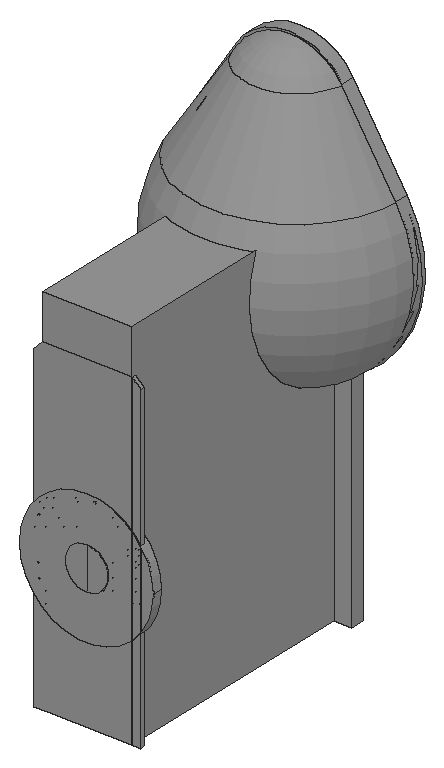
Revit family "Toilet-Willoughby-ETF-1490-OW", category Plumbing Fixtures, Revit 2015
Parameters (values of type "Standard")
  Waste DIA = 2 3/8"
  Waste Connection = yes
  W-RAD [instance] = Waste DIA / 2  # 0' - 1 3/16"
  Vent Connection = no
  URL = "https://www.willoughby-ind.com/wp-content/uploads/2018/01/ETF-1490-OW.pdf"
  Type Comments = ""
  Revision = "A"
  Model = "ETF-1490-OW"
  Manufacturer = "Willoughby Industries"
  HW Connection = no
  Flush inlet DIA = 1 1/2"
  Fixture Body = Stainless Steel AISI 304-Willoughby
  F-RAD [instance] = Flush inlet DIA / 2  # 0' - 0 3/4"
  Description = "Floor Outlet, Off Wall Mounted Toilet, Sophon Jet"
  Default Elevation = 0' - 0"
  Contact Number = "(800) 428-4065"
  CW Connection = yes
Reference planes (in)
  plane 1 "Base": y = -16.25
  plane 2: z = 0
  plane 3 "Center": x = 18.31072
  plane 4 "Waste height": y = -4.75
  plane 5: y = -1.25
  plane 6: z = -6.75
  plane 7: y = -2.125
  plane 8: y = -14.0625
  plane 9: y = 0.5
  plane 10: x = 16.56072
  plane 11: x = 20.06072
  plane 12: x = 11.56072
  plane 13: x = 25.06072
  plane 14: z = 23
  plane 15: z = 30.75
  plane 16: x = 15.81072
  plane 17: x = 20.81072
  plane 18: x = 15.81072
  plane 19: x = 20.81072
  plane 20: z = 4.25
  plane 21: x = 12.56072
  plane 22: x = 24.06072
  plane 23: z = 2.75
Forms (in)
  Extrusion 1, solid, material "Stainless Steel AISI 304-Willoughby" <- "Fixture Body"
    sketch origin (16.08109, 7.47968, -2.20225) x (-1, 0, 0) y (0, 0, -1)
      loop
        line (1.29775, -16.80087) -> (1.29775, -4.20225) -> (-5.72963, -4.20225) -> (-5.72963, -16.81676)
        arc (-5.72963, -16.81676) -> (-8.98136, -21.11843) -> (-8.21015, -26.45542) r 7
        line (-8.21015, -26.45542) -> (-5.16818, -31.31054)
        arc (-5.16818, -31.31054) -> (-2.20225, -32.95225) -> (0.76368, -31.31054) r 3.5
        line (0.76368, -31.31054) -> (3.80565, -26.45542)
        arc (3.80565, -26.45542) -> (4.5729, -21.10311) -> (1.29775, -16.80087) r 7
      loop
        arc (2.03989, -24.70557) -> (-2.20225, -18.23804) -> (-6.44438, -24.70557) r 4.625
        line (-6.44438, -24.70557) -> (-4.04125, -30.23842)
        arc (-4.04125, -30.23842) -> (-2.20225, -31.45225) -> (-0.36324, -30.23842) r 2
        line (-0.36324, -30.23842) -> (2.03989, -24.70557)
    from 8.72968 to 9.5
  Revolve 2, solid, material "Stainless Steel AISI 304-Willoughby" <- "Fixture Body"
    sketch origin (19.37246, -1.52032, 1.00169) x (-1, 0, 0) y (0, 0, -1)
      loop
        line (1.06174, -12.59906) -> (1.06174, -12.84906)
        arc (1.06174, -12.84906) -> (6.91177, -17.54136) -> (5.58904, -24.92315) r 7.34171
        line (5.58904, -24.92315) -> (3.81535, -27.91457)
        arc (3.81535, -27.91457) -> (2.63527, -29.03194) -> (1.06174, -29.43826) r 3.25
        line (1.06174, -29.43826) -> (1.06174, -29.68826)
        arc (1.06174, -29.68826) -> (2.75672, -29.25045) -> (4.02767, -28.04656) r 3.5
        line (4.02767, -28.04656) -> (7.06964, -23.19143)
        arc (7.06964, -23.19143) -> (7.15052, -16.14555) -> (1.06174, -12.59906) r 7
      axis (1.06174, -12.59906) -> (1.06174, -29.68826)
    angle from 0 to -180
  Extrusion 3, solid, material "Stainless Steel AISI 304-Willoughby" <- "Fixture Body"
    sketch origin (19.53334, -3.02032, -4.9508) x (0, 1, 0) y (0, 0, 1)
      loop
        line (-4.42257, 6.9508) -> (1.02643, 6.9508) -> (1.02643, 18.97156)
        arc (1.02643, 18.97156) -> (-2.31062, 20.32275) -> (-4.42257, 23.23845) r 6.52287
        line (-4.42257, 23.23845) -> (-4.42257, 6.9508)
    from 1.27686 to -3.72262
  Extrusion 4, solid, material "Stainless Steel AISI 304-Willoughby" <- "Fixture Body"
    sketch origin (0, -16.25, 0) x (1, 0, 0) y (0, 0, 1)
      loop
        line (20.81072, 2) -> (20.81072, 23) -> (15.81072, 23) -> (15.81072, 2) -> (20.81072, 2)
    from 0 to -8.80711
  Revolve 5, solid, material "Stainless Steel AISI 304-Willoughby" <- "Fixture Body"
    sketch origin (18.31072, 0, 0) x (0, 1, 0) y (0, 0, 1)
      loop
        line (-16.25195, 10) -> (-14.75, 10) -> (-14.75, 11.1875) -> (-16.25195, 11.1875) -> (-16.25195, 10)
      axis (-14.75, 10) -> (-16.25195, 10)
    angle from 0 to 360
  Revolve 6, solid, material "Stainless Steel AISI 304-Willoughby" <- "Fixture Body"
    sketch origin (18.31072, 0, 0) x (0, 1, 0) y (0, 0, 1)
      loop
        line (-0.25, 4) -> (-0.25, 4.75) -> (-1.46566, 4.75) -> (-1.46566, 4) -> (-0.25, 4)
      axis (-0.25, 4) -> (-1.46566, 4)
    angle from 0 to 360
  Extrusion 7, solid, material "Stainless Steel AISI 304-Willoughby" <- "Fixture Body"
    sketch origin (0, -16.25, 0) x (1, 0, 0) y (0, 0, 1)
      loop
        circle (18.29703, 10) r 3.75
    from 0 to -0.5
  Extrusion 8, solid, material "Stainless Steel AISI 304-Willoughby" <- "Fixture Body"
    sketch origin (0, -16.25, 0) x (1, 0, 0) y (0, 0, 1)
      loop
        line (21.12282, 2) -> (21.31072, 2) -> (21.31072, 20) -> (20.81072, 20.5) -> (15.81072, 20.5) -> (15.31072, 20) -> (15.31072, 2) -> (16.12282, 2) -> (21.12282, 2)
    from 0 to -0.25
Cuts and joins
  joined: Extrusion 1, Extrusion 3, Extrusion 4
Lines and regions (in)
  model lines, detail levels coarse+medium
    curve 1: line (13.81072, -16.25, 0) -> (22.81072, -16.25, 0)
    curve 2: line (22.81072, -16.25, 1) -> (13.81072, -16.25, 1)
  symbolic lines, style "PlumbingFixtures"
    curve 3: line (18.31072, -1.25, 5) -> (18.31072, -1.25, 25.81005)
  symbolic lines
    curve 4: line (11.28334, -1.25, 0) -> (25.28334, -1.25, 0)
    curve 5: line (25.28334, -1.25, 0) -> (25.28334, -2.02032, 0)
    curve 6: line (11.28334, -1.25, 0) -> (11.28334, -2.02032, 0)
    curve 7: arc (11.28334, -2.02032, 0) -> (13.53774, -6.64732, 0) -> (18.31072, -8.57346, 0) r 7.17351
    curve 8: arc (18.31072, -8.57346, 0) -> (23.07813, -6.66, 0) -> (25.28334, -2.02032, 0) r 7.05363
    curve 9: line (15.81072, -8.07914, 0) -> (15.81072, -15.75, 0)
    curve 10: line (12.56072, -5.52527, 0) -> (12.56072, -16.25, 0)
    curve 11: line (12.56072, -16.25, 0) -> (24.06072, -16.25, 0)
    curve 12: line (24.06072, -16.25, 0) -> (24.06072, -5.51508, 0)
    curve 13: line (20.81072, -8.09152, 0) -> (20.81072, -16.25, 0)
    curve 14: line (12.56072, -16.25, 0) -> (24.06072, -16.25, 0)
    curve 15: line (24.06072, -16.25, 0) -> (24.06072, -16.25, 1)
    curve 16: line (24.06072, -16.25, 1) -> (21.81072, -16.25, 1)
    curve 17: line (21.81072, -16.25, 1) -> (21.81072, -16.25, 14.61451)
    curve 18: line (14.78334, -16.25, 14.59862) -> (14.78334, -16.25, 1)
    curve 19: line (14.78334, -16.25, 1) -> (12.56072, -16.25, 1)
    curve 20: line (12.56072, -16.25, 1) -> (12.56072, -16.25, 0)
    curve 21: arc (21.81072, -16.25, 14.61451) -> (25.06245, -16.25, 18.91618) -> (24.29124, -16.25, 24.25317) r 7
    curve 22: line (24.29124, -16.25, 24.25317) -> (21.24927, -16.25, 29.1083)
    curve 23: arc (21.24927, -16.25, 29.1083) -> (18.28334, -16.25, 30.75) -> (15.31741, -16.25, 29.1083) r 3.5
    curve 24: line (15.31741, -16.25, 29.1083) -> (12.35249, -16.25, 24.379)
    curve 25: arc (12.35249, -16.25, 24.379) -> (11.49002, -16.25, 18.97236) -> (14.78334, -16.25, 14.59862) r 7
    curve 30: line (18.31072, -1.25, 0) -> (18.31072, -1.25, 30.75)
    curve 31: line (18.31072, -1.25, 30.75) -> (18.31072, -2.02032, 30.75)
    curve 32: arc (18.31072, -2.02032, 30.75) -> (18.31072, -3.19741, 30.282) -> (18.31072, -4.16324, 29.4624) r 3.9118
    curve 33: line (18.31072, -4.16324, 29.4624) -> (18.31072, -7.52822, 24.19312)
    curve 34: arc (18.31072, -7.52822, 24.19312) -> (18.31072, -7.84583, 23.61494) -> (18.31072, -8.08458, 23) r 5.00151
    curve 35: line (18.31072, -7.5932, 23) -> (18.31072, -16.25, 23)
    curve 36: line (18.31072, -16.25, 23) -> (18.31072, -16.25, 0)
    curve 37: line (18.31072, -16.25, 0) -> (18.31072, -1.25, 0)
    curve 38: line (18.31072, -2.125, 0) -> (18.31072, -2.125, 14)
    curve 39: arc (18.31072, -2.125, 14) -> (18.31072, -7.03014, 17.18092) -> (18.31072, -7.5932, 23) r 6.72716
    curve 40: arc (21.81072, -16.25, 5.45177) -> (22.01817, -16.25, 4.22179) -> (21.81072, -16.25, 2.99181) r 3.75
    curve 41: arc (14.78334, -16.25, 5.60687) -> (14.51817, -16.25, 4.22179) -> (14.78334, -16.25, 2.83672) r 3.75
  symbolic lines, detail levels fine
    curve 26: arc (14.0412, -16.25, 22.50332) -> (18.28334, -16.25, 16.0358) -> (22.52547, -16.25, 22.50332) r 4.625
    curve 27: line (22.52547, -16.25, 22.50332) -> (20.12234, -16.25, 28.03617)
    curve 28: arc (20.12234, -16.25, 28.03617) -> (18.28334, -16.25, 29.2424) -> (16.44433, -16.25, 28.03617) r 2.00498
    curve 29: line (16.44433, -16.25, 28.03617) -> (14.0412, -16.25, 22.50332)
Dimensions and locks (in)
  plane 1 "Base" to plane 5 = 1' - 3"
  level to plane 15 = 2' - 6 3/4"
  plane 21 to plane 22 = 0' - 11 1/2"  (x2)
  plane 13 to plane 22 = 0' - 1"
  level to plane 20 = 0' - 4 1/4"
  plane 21 to plane 3 "Center" = 0' - 5 3/4"
  level to plane 23 = 0' - 2 3/4"
  plane 18 to plane 19 = 0' - 5"
  aligned and locked: Extrusion 8 sketch curve to cut or joined group of Extrusion 1, Extrusion 3, Extrusion 4
  aligned and locked: Extrusion 1 to Extrusion 4
Connectors (in)
  piping at (18.31072, -16.25195, 10), diameter 2.375, driven by "W-RAD", driven by "Waste Connection"
    settings: on Revolve 5, index 4, connector inside diameter 24", connector length 0' - 0", flow factor 0, pipe flow 0 GPM, pressure drop 0.00 psi, fitting loss kfactor 0, connector angle 0.00°, fixture units 0, engagement length 0' - 0", angle of deflection 0.00°, flow configuration 0, flow direction 2, fitting loss method 0, system type 16, joint type 0, gender type 0, connector reference index -1, connector utility 1, adjustable connector no, is connector primary yes, connector description "Toilet Waste"
  piping at (18.31072, -0.25, 4), diameter 1.5, driven by "F-RAD", driven by "CW Connection"
    settings: on Revolve 6, index 5, connector inside diameter 24", connector length 0' - 0", flow factor 0, pipe flow 0 GPM, pressure drop 0.00 psi, fitting loss kfactor 0, connector angle 0.00°, fixture units 0, engagement length 0' - 0", angle of deflection 0.00°, flow configuration 0, flow direction 1, fitting loss method 0, system type 20, joint type 0, gender type 0, connector reference index -1, connector utility 1, adjustable connector no, is connector primary no, connector description "Flush Inlet"
